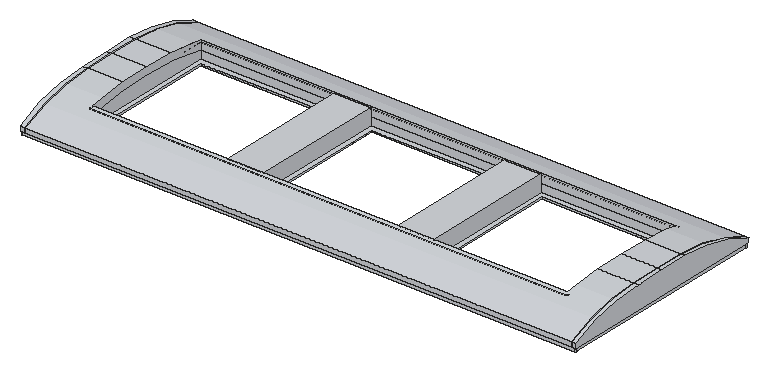
Revit family "Gira_0213723", category Electrical Fixtures, host Face, Revit 2017
Family settings
  Host = Face
  Maintain Annotation Orientation = No
  Round Connector Dimension = Use Diameter
  Part Type = Normal
  Cut with Voids When Loaded = No
  Shared = No
  Room Calculation Point = No
Parameters (values of type "Cov.fr. 3-g interm.fr. PW Gira Event Clear white")
  URL = "http://katalog.gira.de/en/datenblatt.html?artikelnr=0213723"
  Transparent = "No"
  Name = "Cov.fr. 3-g interm.fr. PW Gira Event Clear white"
  Manufacturer URL = "https://www.gira.de/"
  Manufacturer = "Gira"
  Label space/information surface = "No"
  Keynote = ""
  HeinzeBIM = "https://bimportal.heinze.de/bim/cov-fr-3-g-interm-fr-pw-gira-event-clear-white/c31c280df08656feba4f54d77cc57a1c9005bd75"
  HAN = "0213723"
  GTIN = "4010337068679"
  Description = "Cov.fr.3g i.fr.PW EvCl WH,Gira Event Clear cover frame,white with pure white glossy intermediate frame,3-gang,Features:,- Shatter-proof."
  Default Elevation = 1219.2 mm
  Data sheet (1) = "https://katalog.gira.de/en/download.html?artikelnr=0213723"
  Category = "Cover frame for domestic switching devices"
  BIM (1) = "https://media.stage.bim.site/public/gira/36a6b08/Event_Rahmen_3fach.rfa"
  Available = "No"
Reference planes
  plane 1 "Center (Front/Back)": y = 0
  plane 2: z = 0
  plane 3 "Center (Left/Right)": x = 0
Forms (mm)
  Extrusion 1, solid, detail levels fine
    sketch origin (0, 0, 0.05) x (0, 1, 0) y (0, 0, 1)
      loop
        arc (12.445, 9.683) -> (6.223, 9.833) -> (0, 9.85) r 291.636
        arc (0, 9.85) -> (-6.223, 9.833) -> (-12.445, 9.683) r 291.636
        arc (-12.445, 9.683) -> (-29.14, 7.482) -> (-45, 1.823) r 79.728
        line (-45, 1.823) -> (-45, -0.05) -> (-42.086, -0.05)
        arc (-42.086, -0.05) -> (-21.385, 5.559) -> (0, 7.206) r 114.424
        arc (0, 7.206) -> (21.385, 5.559) -> (42.086, -0.05) r 114.424
        line (42.086, -0.05) -> (45, -0.05) -> (45, 1.823)
        arc (45, 1.823) -> (29.14, 7.482) -> (12.445, 9.683) r 79.728
    from -114.3 to 114.3
  Extrusion 2, void, detail levels fine
    sketch origin (0, 0, 0) x (1, 0, 0) y (0, 1, 0)
      loop
        line (-99.355, -28.053) -> (99.355, -28.053) -> (99.355, 28.053) -> (-99.355, 28.053) -> (-99.355, -28.053)
    from 0.724 to 11
  Extrusion 3, solid, detail levels coarse
    sketch origin (0, 0, 0) x (1, 0, 0) y (0, 1, 0)
      loop
        line (-116.3, 45) -> (-116.3, -45) -> (116.3, -45) -> (116.3, 45) -> (-116.3, 45)
    from -1.5 to 9.9
  Extrusion 4, solid, detail levels medium
    sketch origin (0, 0, 0.05) x (0, 1, 0) y (0, 0, 1)
      loop
        arc (12.445, 9.683) -> (6.223, 9.833) -> (0, 9.85) r 291.636
        arc (0, 9.85) -> (-6.223, 9.833) -> (-12.445, 9.683) r 291.636
        arc (-12.445, 9.683) -> (-29.14, 7.482) -> (-45, 1.823) r 79.728
        line (-45, 1.823) -> (-45, -0.05) -> (45, -0.05) -> (45, 1.823)
        arc (45, 1.823) -> (29.14, 7.482) -> (12.445, 9.683) r 79.728
    from -116.3 to 116.3
  Extrusion 5, solid, detail levels fine
    sketch origin (-71.3, 0, -1.5) x (0, 1, 0) y (0, 0, -1)
      loop
        line (45, -3.373) -> (45, -1.5) -> (-45, -1.5) -> (-45, -3.373)
        arc (-45, -3.373) -> (-29.14, -9.032) -> (-12.445, -11.233) r 79.728
        arc (-12.445, -11.233) -> (-6.223, -11.383) -> (0, -11.4) r 291.636
        arc (0, -11.4) -> (6.223, -11.383) -> (12.445, -11.233) r 291.636
        arc (12.445, -11.233) -> (29.14, -9.032) -> (45, -3.373) r 79.728
    from 43 to 45
  Extrusion 6, solid, detail levels fine
    sketch origin (0, 0, 0) x (1, 0, 0) y (0, 1, 0)
      loop
        line (-97.195, 25.7) -> (-97.195, -25.7) -> (-45.395, -25.7) -> (-45.395, 25.7) -> (-97.195, 25.7)
      loop
        line (25.9, -25.7) -> (25.9, 25.7) -> (-25.9, 25.7) -> (-25.9, -25.7) -> (25.9, -25.7)
      loop
        line (-100.19, 28.49) -> (-100.19, -28.495)
        spline (-100.19, -28.495) -> (-100.181, -28.625) -> (-100.156, -28.754) -> (-100.113, -28.878) -> (-100.056, -28.995) -> (-99.983, -29.104) -> (-99.897, -29.202) -> (-99.798, -29.288) -> (-99.69, -29.361) -> (-99.572, -29.419) -> (-99.448, -29.461) -> (-99.32, -29.486) -> (-99.19, -29.495)
        line (-99.19, -29.495) -> (99.195, -29.495)
        spline (99.195, -29.495) -> (99.325, -29.486) -> (99.454, -29.461) -> (99.578, -29.419) -> (99.695, -29.361) -> (99.804, -29.288) -> (99.902, -29.202) -> (99.988, -29.104) -> (100.061, -28.995) -> (100.119, -28.878) -> (100.161, -28.754) -> (100.186, -28.625) -> (100.195, -28.495)
        line (100.195, -28.495) -> (100.195, 28.49)
        spline (100.195, 28.49) -> (100.186, 28.62) -> (100.161, 28.748) -> (100.119, 28.872) -> (100.061, 28.99) -> (99.988, 29.098) -> (99.902, 29.197) -> (99.804, 29.283) -> (99.695, 29.356) -> (99.578, 29.413) -> (99.454, 29.456) -> (99.325, 29.481) -> (99.195, 29.49)
        line (99.195, 29.49) -> (-99.19, 29.49)
        spline (-99.19, 29.49) -> (-99.32, 29.481) -> (-99.448, 29.456) -> (-99.572, 29.413) -> (-99.69, 29.356) -> (-99.798, 29.283) -> (-99.897, 29.197) -> (-99.983, 29.098) -> (-100.056, 28.99) -> (-100.113, 28.872) -> (-100.156, 28.748) -> (-100.181, 28.62) -> (-100.19, 28.49)
      loop
        line (97.2, -25.7) -> (97.2, 25.7) -> (45.4, 25.7) -> (45.4, -25.7) -> (97.2, -25.7)
    from 0.1 to 7.3
  Extrusion 7, solid
    sketch origin (0, 0, 0) x (1, 0, 0) y (0, 1, 0)
      loop
        arc (-116, -44.2) -> (-115.854, -44.554) -> (-115.5, -44.7) r 0.5
        line (-115.5, -44.7) -> (115.5, -44.7)
        arc (115.5, -44.7) -> (115.854, -44.554) -> (116, -44.2) r 0.5
        line (116, -44.2) -> (116, 44.2)
        arc (116, 44.2) -> (115.854, 44.554) -> (115.5, 44.7) r 0.5
        line (115.5, 44.7) -> (-115.5, 44.7)
        arc (-115.5, 44.7) -> (-115.854, 44.554) -> (-116, 44.2) r 0.5
        line (-116, 44.2) -> (-116, -44.2)
      loop
        line (-114.3, 43) -> (-114.3, -43) -> (114.3, -43) -> (114.3, 43) -> (-114.3, 43)
    from -1.5 to 0.5
  Extrusion 8, solid, detail levels fine
    sketch origin (71.3, 0, -1.5) x (0, 1, 0) y (0, 0, 1)
      loop
        arc (45, 3.373) -> (29.14, 9.032) -> (12.445, 11.233) r 79.728
        arc (12.445, 11.233) -> (6.223, 11.383) -> (0, 11.4) r 291.636
        arc (0, 11.4) -> (-6.223, 11.383) -> (-12.445, 11.233) r 291.636
        arc (-12.445, 11.233) -> (-29.14, 9.032) -> (-45, 3.373) r 79.728
        line (-45, 3.373) -> (-45, 1.5) -> (45, 1.5) -> (45, 3.373)
    from 43 to 45
  Extrusion 9, solid, detail levels medium
    sketch origin (0, 0, 0) x (1, 0, 0) y (0, 1, 0)
      loop
        line (-116, -44.7) -> (116, -44.7) -> (116, 44.7) -> (-116, 44.7) -> (-116, -44.7)
    from -1.5 to 0.5
  Extrusion 10, solid, detail levels fine
    sketch origin (-34.207, 0, 0) x (1, 0, 0) y (0, 1, 0)
      loop
        line (-8.943, 28.063) -> (-8.943, -27.937) -> (6.057, -27.937) -> (6.057, 28.063) -> (-8.943, 28.063)
    from 0.724 to 7.566
  Extrusion 11, solid, detail levels fine
    sketch origin (34.207, 0, 0) x (-1, 0, 0) y (0, -1, 0)
      loop
        line (-8.943, -28.063) -> (6.057, -28.063) -> (6.057, 27.937) -> (-8.943, 27.937) -> (-8.943, -28.063)
    from 0.724 to 7.566
Cuts and joins
  Extrusion 2 cuts Extrusion 1
  Extrusion 2 cuts Extrusion 6
Dimensions and locks
  aligned and locked: plane 2 to host face
  aligned and locked: level to host face
